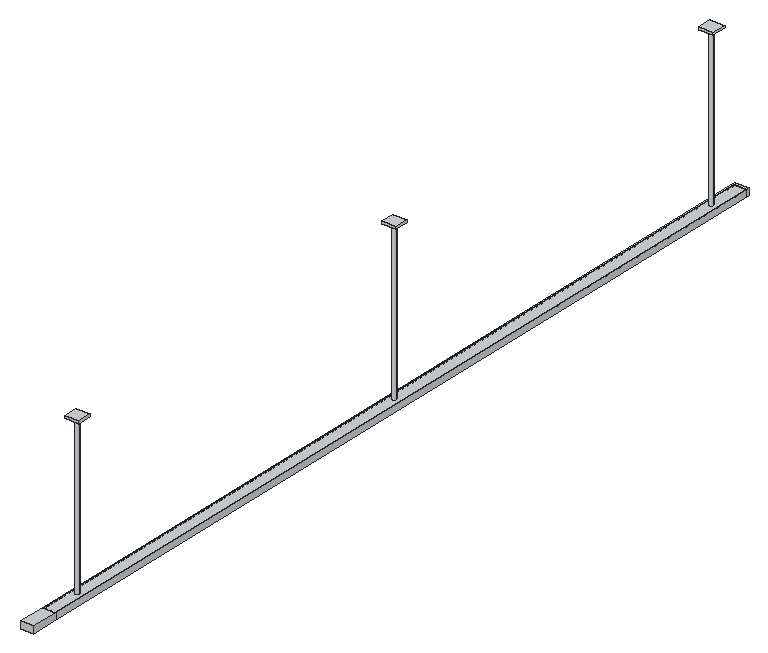
Revit family
Reference planes (in)
  plane 1 "Center (Front/Back)": y = 0
  plane 2: z = 0
  plane 3 "Center (Left/Right)": x = 0
  plane 4: z = -18
  plane 5: z = -18.75
  plane 6: z = -18.06
  plane 7: x = -0.69
  plane 8: x = 0.4
  plane 9: x = -0.4
  plane 10: z = -18.69
  plane 11: z = -18.69
  plane 12: x = 0.69
  plane 13: x = -0.75
  plane 14: x = 0.75
  plane 15: y = 44.8
  plane 16: z = -0.25
  plane 17: y = 48.8
  plane 18: y = -44.8
  plane 19: y = -48.8
Forms (in)
  Extrusion 1, solid
    sketch origin (0, 0, 0) x (1, 0, 0) y (0, 0, 1)
      loop
        line (-0.4, -18.69) -> (-0.69, -18.69) -> (-0.69, -18.06) -> (0.69, -18.06) -> (0.69, -18.69) -> (0.4, -18.69) -> (0.4, -18.75) -> (0.75, -18.75) -> (0.75, -18) -> (-0.75, -18) -> (-0.75, -18.75) -> (-0.4, -18.75) -> (-0.4, -18.69)
    from -48.8 to 48.8
  Extrusion 2, solid
    sketch origin (0, 0, 0) x (1, 0, 0) y (0, 0, 1)
      loop
        line (-0.4, -18.69) -> (-0.5178, -18.65331) -> (-0.5178, -18.61662) -> (-0.46101, -18.61662) -> (-0.46101, -18.57118) -> (-0.5746, -18.57118) -> (-0.5746, -18.51763) -> (-0.4, -18.51763) -> (-0.4, -18.45434) -> (-0.5746, -18.45434) -> (-0.5746, -18.3521) -> (-0.4, -18.3521) -> (-0.4, -18.28881) -> (-0.5746, -18.28881) -> (-0.5746, -18.20605) -> (-0.4, -18.20605) -> (-0.4, -18.12978) -> (-0.5746, -18.12978) -> (-0.5746, -18.06) -> (-0.69, -18.06) -> (-0.69, -18.69) -> (-0.4, -18.69)
    from -48.8 to 48.8
  Extrusion 3, solid
    sketch origin (0, 0, 0) x (-1, 0, 0) y (0, 0, -1)
      loop
        line (-0.4, 18.69) -> (-0.69, 18.69) -> (-0.69, 18.06) -> (-0.5746, 18.06) -> (-0.5746, 18.12978) -> (-0.4, 18.12978) -> (-0.4, 18.20605) -> (-0.5746, 18.20605) -> (-0.5746, 18.28881) -> (-0.4, 18.28881) -> (-0.4, 18.3521) -> (-0.5746, 18.3521) -> (-0.5746, 18.45434) -> (-0.4, 18.45434) -> (-0.4, 18.51763) -> (-0.5746, 18.51763) -> (-0.5746, 18.57118) -> (-0.46101, 18.57118) -> (-0.46101, 18.61662) -> (-0.5178, 18.61662) -> (-0.5178, 18.65331) -> (-0.4, 18.69)
    from -48.8 to 48.8
  Extrusion 4, solid
    sketch origin (0, -35.675, 0) x (1, 0, 0) y (0, 1, 0)
      loop
        line (-0.75, -13.125) -> (-0.75, -16.25) -> (0.75, -16.25) -> (0.75, -13.125) -> (-0.75, -13.125)
    from -18.75 to -18
  Extrusion 5, solid
    sketch origin (0, 34.8, 0) x (1, 0, 0) y (0, 1, 0)
      loop
        line (-0.75, 14.25) -> (-0.75, 14) -> (0.75, 14) -> (0.75, 14.25) -> (-0.75, 14.25)
    from -18.75 to -18
  Extrusion 6, solid
    sketch origin (-0.00591, -10.00882, 0) x (1, 0, 0) y (0, 1, 0)
      loop
        circle (0, 10) r 0.25
    from -18 to -0.25
  Extrusion 7, solid
    sketch origin (0, -10, 0) x (1, 0, 0) y (0, 1, 0)
      loop
        line (-0.8, 9.2) -> (0.8, 9.2) -> (0.8, 10.8) -> (-0.8, 10.8) -> (-0.8, 9.2)
    from -0.25 to 0
  Extrusion 8, solid
    sketch origin (0, 34.8, 0) x (1, 0, 0) y (0, 1, 0)
      loop
        line (-0.8, 9.2) -> (0.8, 9.2) -> (0.8, 10.8) -> (-0.8, 10.8) -> (-0.8, 9.2)
    from -0.25 to 0
  Extrusion 9, solid
    sketch origin (-0.00591, 34.79118, 0) x (1, 0, 0) y (0, 1, 0)
      loop
        circle (0, 10) r 0.25
    from -18 to -0.25
  Extrusion 10, solid
    sketch origin (0, -34.8, 0) x (1, 0, 0) y (0, 1, 0)
      loop
        line (-0.8, -9.2) -> (-0.8, -10.8) -> (0.8, -10.8) -> (0.8, -9.2) -> (-0.8, -9.2)
    from -0.25 to 0
  Extrusion 11, solid
    sketch origin (-0.00591, -34.79118, 0) x (1, 0, 0) y (0, 1, 0)
      loop
        circle (0, -10) r 0.25
    from -18 to -0.25
Lines and regions (in)
  reference lines
    curve 1: line (-0.5178, 0, -18.69) -> (-0.5178, 0, -18.61662)
    curve 2: line (-0.5178, 0, -18.61662) -> (-0.46101, 0, -18.61662)
    curve 3: line (-0.46101, 0, -18.61662) -> (-0.46101, 0, -18.57118)
    curve 4: line (-0.46101, 0, -18.57118) -> (-0.5746, 0, -18.57118)
    curve 5: line (-0.5746, 0, -18.57118) -> (-0.5746, 0, -18.51763)
    curve 6: line (-0.5746, 0, -18.51763) -> (-0.4, 0, -18.51763)
    curve 7: line (-0.4, 0, -18.51763) -> (-0.4, 0, -18.45434)
    curve 8: line (-0.4, 0, -18.45434) -> (-0.5746, 0, -18.45434)
    curve 9: line (-0.5746, 0, -18.45434) -> (-0.5746, 0, -18.3521)
    curve 10: line (-0.5746, 0, -18.3521) -> (-0.4, 0, -18.3521)
    curve 11: line (-0.4, 0, -18.3521) -> (-0.4, 0, -18.28881)
    curve 12: line (-0.4, 0, -18.28881) -> (-0.5746, 0, -18.28881)
    curve 13: line (-0.5746, 0, -18.28881) -> (-0.5746, 0, -18.20605)
    curve 14: line (-0.5746, 0, -18.20605) -> (-0.4, 0, -18.20605)
    curve 15: line (-0.4, 0, -18.20605) -> (-0.4, 0, -18.12978)
    curve 16: line (-0.4, 0, -18.12978) -> (-0.5746, 0, -18.12978)
    curve 17: line (-0.5746, 0, -18.12978) -> (-0.5746, 0, -18.06)
